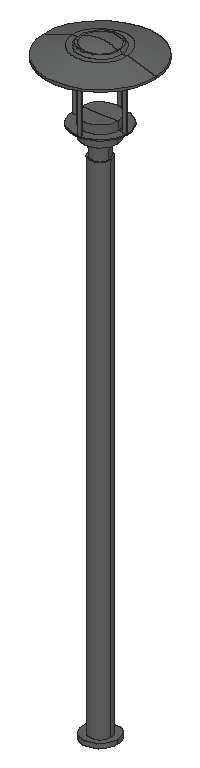
Revit family "Slide", category Lighting Fixtures, host Face, Revit 2021
Family settings
  Host = Face
  Round Connector Dimension = Use Diameter
  Part Type = Normal
  OmniClass Number = 23.80.70.14.21
  OmniClass Title = Street and Roadway Lighting
  Cut with Voids When Loaded = No
  Light Source = Yes
  Shared = No
  Room Calculation Point = No
Parameters (values of type "Basic Black Textured")
  Wattage Comments = "Luminaires are equipped with an LED driver that accepts 100V through 277V, 50 Hz to 60 Hz (UNIV), or a driver that accepts 347V or 480V input."  # constant formula
  Wattage = 55 W
  built-in parameter 1150110 = 1 (stored number, unit not read)
  Voltage = 120 V  # constant formula
  URL = "https://www.currentlighting.com/beacon"
  built-in parameter 1114217 = 1 (stored number, unit not read)
  Tilt Angle = 90.00°  # constant formula
  built-in parameter 1150109 = 1 (stored number, unit not read)
  built-in parameter 1150134 = 3
  built-in parameter 1150113 = 1 (stored number, unit not read)
  Shade Option = Shade : Sloped
  Product Page URL = ""
  Product Material = Paint-Basic Black
  Product Documentation Link = ""
  Power Factor = 0.92  # constant formula
  Pole Height = 144"  # constant formula
  Photometric Web File = "24NB-55-T4.ies"
  Model = "SLIDE(LED)"  # constant formula
  Manufacturer = "Beacon Products"  # constant formula
  built-in parameter 1150105 = 17692.4 (stored number, unit not read)
  Lumens = 8169.81 lm
  built-in parameter 1150115 = 1 (stored number, unit not read)
  Load Classification = Lighting
  built-in parameter 1150137 = (empty or 0)
  built-in parameter 1150139 = (empty or 0)
  built-in parameter 1150112 = 1 (stored number, unit not read)
  built-in parameter 1150114 = 1 (stored number, unit not read)
  Lamp = "Each Beacon Slide luminaire is supplied with an\r\nOptical one piece cartridge system consisting of an\r\nLED engine, LED lamps, optics, gasket and stamped\r\nstainless steel bezel."  # constant formula
  built-in parameter 1150132 = (empty or 0)
  built-in parameter 1150102 = (empty or 0)
  built-in parameter 1150107 = 3200 (stored number, unit not read)
  built-in parameter 1150138 = (empty or 0)
  built-in parameter 1150106 = 176.92 (stored number, unit not read)
  Emit from Rectangle Width = 8"  # constant formula
  Emit from Rectangle Length = 8"  # constant formula
  Emit Shape Visible in Rendering = no
  built-in parameter 1150104 = 13.8 (stored number, unit not read)
  Dimming Lamp Color Temperature Shift = <None>
  Description = "The direct optical system give the designer\r\n3 different LED wattages and 6\r\ndifferent lighting distribution patterns."  # constant formula
  Default Elevation = 48"
  Color Filter = 16777215
  built-in parameter 1114216 [instance] = Power Factor  # 0.92 (stored number, unit not read)
  built-in parameter 1114218 = 1 (stored number, unit not read)
  built-in parameter 1150133 = 10 (stored number, unit not read)
  Apparent Load = 55 VA
Types (13): name | Shade Option | Product Material | built-in parameter 1150105 | built-in parameter 1150106
  (no name) | Shade : Sloped | Paint-Basic Black | 17692.4 (stored number, unit not read) | 176.92 (stored number, unit not read)
  Basic Black Textured | Shade : Sloped | Paint-Basic Black | 17692.4 (stored number, unit not read) | 176.92 (stored number, unit not read)
  Black Matte Textured | Shade : Sloped | Paint-Black Matte | 17692.4 (stored number, unit not read) | 176.92 (stored number, unit not read)
  Bronze Textured | Shade : Sloped | Paint-Bronze | 17692.4 (stored number, unit not read) | 176.92 (stored number, unit not read)
  Dark Bronze Textured | Shade : Sloped | Paint-Dark Bronze | 17692.4 (stored number, unit not read) | 176.92 (stored number, unit not read)
  Dark Platinum Smooth | Shade : Sloped | Paint-Dark Platinum Smooth | 17692.4 (stored number, unit not read) | 176.92 (stored number, unit not read)
  Gray Smooth | Shade : Sloped | Paint-Gray Smooth | 650.13 (stored number, unit not read) | 6.5013 (stored number, unit not read)
  Green Textured | Shade : Sloped | Paint-Green | 650.13 (stored number, unit not read) | 6.5013 (stored number, unit not read)
  Metallic Bronze Textured | Shade : Sloped | Paint-Metallic Bronze | 650.13 (stored number, unit not read) | 6.5013 (stored number, unit not read)
  Metallic Silver Textured | Shade : Sloped | Paint-Metallic Silver | 650.13 (stored number, unit not read) | 6.5013 (stored number, unit not read)
  Metallic Titanium Textured | Shade : Sloped | Paint-Metallic Titanium | 650.13 (stored number, unit not read) | 6.5013 (stored number, unit not read)
  Old World Iron | Shade : Sloped | Paint-Old World Iron | 650.13 (stored number, unit not read) | 6.5013 (stored number, unit not read)
  White Texture | Shade : Curved | Paint-White | 17692.4 (stored number, unit not read) | 176.92 (stored number, unit not read)
Reference planes (in)
  plane 1 "Center (Front/Back)": y = 0
  plane 2: z = 0
  plane 3 "Center (Left/Right)": x = 0
  plane 4: z = 144
  plane 5: z = 1
  plane 6: z = 119.75
  plane 7: z = 141.56435
Forms (in)
  Extrusion 1, solid, material "Paint-Basic Black" <- "Product Material"
    sketch origin (0, 0, 0) x (1, 0, 0) y (0, 1, 0)
      loop
        circle (0, 0) r 4
    from 0 to 1
  Extrusion 2, solid, material "Paint-Basic Black" <- "Product Material"
    sketch origin (0, 0, 0) x (1, 0, 0) y (0, 1, 0)
      loop
        circle (0, 0) r 2.5
    from 1 to 119.75
Dimensions and locks (in)
  "Pole Height": plane 4 to plane 2
  locked: plane 5 to plane 2 at 1
  locked: plane 4 to plane 6 at 24.25
  locked: plane 4 to plane 7 at 2.43565
  aligned and locked: plane 2 to host face
  aligned and locked: level to host face
  aligned and locked: plane 1 "Center (Front/Back)" to nested 1
  aligned and locked: plane 3 "Center (Left/Right)" to imposter light
  aligned and locked: plane 5 to Extrusion 1
  aligned and locked: Extrusion 2 to Extrusion 1
  aligned and locked: plane 6 to Extrusion 2
  aligned and locked: plane 3 "Center (Left/Right)" to nested 1
  aligned and locked: plane 7 to imposter light
Automatic sketch dimensions
  host sketch curve to host sketch curve = 96"  (x2)
  plane 1 "Center (Front/Back)" to Extrusion 1 sketch curve = 0"
  Extrusion 1 sketch curve to plane 3 "Center (Left/Right)" = 0"
  plane 1 "Center (Front/Back)" to Extrusion 2 sketch curve = 0"
  Extrusion 2 sketch curve to plane 3 "Center (Left/Right)" = 0"
  radius of Extrusion 1 sketch curve = 4"
  radius of Extrusion 2 sketch curve = 2 1/2"
Nested families (in)
  nested 1: "Shade" at (0, 0, 119.75), Product Material <- "Product Material", type <- "Shade Option", type "Sloped"
    with Product Material Paint-Basic Black, Sloped Shade yes, Curved Shade no
Connectors (in)
  electrical at (0, 0, 0), driven by "Voltage", driven by "Load Classification", driven by "Apparent Load"
    settings: on host face, index 1, voltage 120 V, apparent load 55 VA, apparent load phase1 0 VA, apparent load phase2 0 VA, apparent load phase3 0 VA, power factor 1, load classification "Lighting", number of poles 1, system type 30, power factor state 1, is connector primary yes, connector utility no, sub classification motor no, connector description "Lighting Connector\r\n3 different LED wattages and 6\r\ndifferent lighting distribution patterns."
Definition of nested family "Shade"
  Parameters
    URL = ""
    Sloped Shade = no
    Product Material [instance] = none
    Model = ""
    Manufacturer = ""
    Flat Shade = no
    Description = ""
    Default Elevation = 48"
    Curved Shade = yes
  Reference planes (in)
    plane 1 "Center (Front/Back)": y = 0
    plane 2: z = 0
    plane 3 "Center (Left/Right)": x = 0
    plane 4: x = -12.75
    plane 5: x = 12.75
    plane 6: z = 24.25
    plane 7: x = 5.75
    plane 8: x = -5.75
    plane 9: y = -5.75
    plane 10: y = 5.75
    plane 11: z = 23.38484
    plane 12: z = 22.77047
    plane 13: z = 22.5
    plane 14: z = 22
    plane 15: z = 20.78467
    plane 16: z = 20.28467
    plane 17: z = 6.84881
    plane 18: z = 6.63621
    plane 19: z = 3.99026
  Forms (in)
    Extrusion 1, solid
      sketch origin (0, 0, 0) x (1, 0, 0) y (0, 1, 0)
        loop
          line (-48, 48) -> (-48, -48) -> (48, -48) -> (48, 48) -> (-48, 48)
      from 0 to -12
    Revolve 2, solid, material <- "Product Material"
      sketch origin (0, 0, 0) x (1, 0, 0) y (0, 0, 1)
        loop
          line (0, 0) -> (2, 0) -> (2.27903, 3.99026) -> (4.02903, 3.99026) -> (4.21405, 6.63621) -> (6.30838, 6.63621) -> (6.30838, 6.84881) -> (4.22892, 6.84881) -> (4.22892, 8.76539) -> (0, 8.76539) -> (0, 0)
        axis (0, 8.76539) -> (0, 0)
      angle from 0 to 360
    Revolve 3, solid, material <- "Product Material", visible <- "Flat Shade"
      sketch origin (0, 0, 0) x (1, 0, 0) y (0, 0, 1)
        loop
          line (0, 22) -> (12.75, 22) -> (12.75, 22.5) -> (5.00472, 22.77047) -> (4.57454, 23.38484) -> (4.07454, 23.38484)
          arc (4.07454, 23.38484) -> (2.07279, 23.98472) -> (0, 24.25) r 12.76595
          line (0, 24.25) -> (0, 22)
        axis (0, 24.25) -> (0, 22)
      angle from 0 to 360
    Extrusion 4, solid, material <- "Product Material"
      sketch origin (0, 0, 0) x (1, 0, 0) y (0, 1, 0)
        loop
          circle (-5.75, 0) r 0.35
        loop
          circle (5.75, 0) r 0.35
        loop
          circle (0, -5.75) r 0.35
        loop
          circle (0, 5.75) r 0.35
      from 6.84881 to 22
    Revolve 5, solid, material <- "Product Material", visible <- "Curved Shade"
      sketch origin (0, 0, 0) x (1, 0, 0) y (0, 0, 1)
        loop
          line (0, 24.25) -> (0, 22) -> (6.65643, 22)
          arc (6.65643, 22) -> (9.5754, 20.68827) -> (12.75, 20.28467) r 10.85526
          line (12.75, 20.28467) -> (12.75, 20.78467)
          arc (12.75, 20.78467) -> (9.34305, 21.25648) -> (6.25472, 22.77047) r 10.85526
          line (6.25472, 22.77047) -> (5.00472, 22.77047) -> (4.57454, 23.38484) -> (4.07454, 23.38484)
          arc (4.07454, 23.38484) -> (2.07226, 23.9822) -> (0, 24.25) r 12.95862
        axis (0, 24.25) -> (0, 20.28467)
      angle from 0 to 360
    Revolve 6, solid, material <- "Product Material", visible <- "Sloped Shade"
      sketch origin (0, 0, 0) x (1, 0, 0) y (0, 0, 1)
        loop
          line (12.75, 20.28467) -> (12.75, 20.78467) -> (6.25472, 22.77047) -> (5.00472, 22.77047) -> (4.57454, 23.38484) -> (4.07454, 23.38484)
          arc (4.07454, 23.38484) -> (2.07218, 23.98182) -> (0, 24.25) r 12.9883
          line (0, 24.25) -> (0, 22) -> (7.06467, 22) -> (12.75, 20.28467)
        axis (0, 24.25) -> (0, 20.28467)
      angle from 0 to 360
    Extrusion 7, solid, material <- "Product Material"
      sketch origin (0, 0, 0) x (1, 0, 0) y (0, 1, 0)
        loop
          line (-4.5, 4.5) -> (-4.5, -4.5) -> (4.5, -4.5) -> (4.5, 4.5) -> (-4.5, 4.5)
      from 21.81435 to 22
  Dimensions and locks (in)
    equal spacing: plane 5, plane 3 "Center (Left/Right)", plane 4, locked at 12.75 each
    locked: plane 5 to plane 4 at 25.5
    equal spacing: plane 8, plane 3 "Center (Left/Right)", plane 7, locked at 5.75 each
    equal spacing: plane 10, plane 1 "Center (Front/Back)", plane 9, locked at 5.75 each
    plane 6 to plane 11 to plane 12 to plane 13 to plane 14 to plane 15 to plane 16 to plane 17 to plane 18 to plane 19 to level = 0.86516" locked, 0.61436" locked, 0.27047" locked, 1/2" locked, 1.21533" locked, 1/2" locked, 13.43586" locked, 0.2126" locked, 2.64595" locked, 3.99026" locked
    aligned and locked: plane 2 to Extrusion 1
    aligned and locked: level to Extrusion 1
    aligned and locked: Revolve 2 sketch curve to plane 3 "Center (Left/Right)"
    aligned and locked: Revolve 3 sketch curve to plane 3 "Center (Left/Right)"
    aligned and locked: Revolve 3 to Extrusion 4
    aligned and locked: Extrusion 4 to Revolve 2
    aligned and locked: Revolve 5 sketch curve to plane 3 "Center (Left/Right)"
    aligned and locked: Revolve 6 sketch curve to plane 3 "Center (Left/Right)"
    aligned and locked: plane 8 to Extrusion 4 sketch curve
    aligned and locked: plane 1 "Center (Front/Back)" to Extrusion 4 sketch curve  (x2)
    aligned and locked: plane 3 "Center (Left/Right)" to Extrusion 4 sketch curve  (x2)
    aligned and locked: plane 10 to Extrusion 4 sketch curve
    aligned and locked: plane 7 to Extrusion 4 sketch curve
    aligned and locked: plane 9 to Extrusion 4 sketch curve
    aligned and locked: plane 11 to Revolve 3
    aligned and locked: plane 12 to Revolve 3
    aligned and locked: plane 13 to Revolve 3
    aligned and locked: plane 14 to Revolve 3
    aligned and locked: plane 15 to Revolve 5
    aligned and locked: plane 17 to Revolve 2
    aligned and locked: plane 18 to Revolve 2
    aligned and locked: plane 19 to Revolve 2
    aligned and locked: Revolve 6 sketch curve to Revolve 6 sketch curve
    aligned and locked: Revolve 6 sketch curve to plane 5
    aligned and locked: plane 12 to Revolve 6 sketch curve
    aligned and locked: plane 11 to Revolve 6 sketch curve
    aligned and locked: Revolve 2 sketch curve to Extrusion 1
    aligned and locked: Revolve 2 sketch curve to plane 19
    aligned and locked: Revolve 2 sketch curve to plane 18
    aligned and locked: plane 17 to Revolve 2 sketch curve
    aligned and locked: Revolve 2 sketch curve to Revolve 2 sketch curve
    aligned and locked: plane 14 to Revolve 5 sketch curve
    aligned and locked: plane 14 to Revolve 6 sketch curve
  Automatic sketch dimensions
    Extrusion 1 sketch curve to Extrusion 1 sketch curve = 96"  (x2)
    Revolve 3 sketch curve to plane 3 "Center (Left/Right)" = 0"
    plane 5 to Revolve 3 sketch curve = 0"
    Revolve 3 sketch curve to plane 6 = 0"
    Revolve 3 sketch curve to plane 3 "Center (Left/Right)" = 0.57874"
    Revolve 3 sketch curve to plane 6 = 0.86516"
    plane 3 "Center (Left/Right)" to Revolve 3 sketch curve = 4.07454"
    Revolve 3 sketch curve to Revolve 3 sketch curve = 1/2"  (x2)
    Revolve 3 sketch curve to plane 6 = 1.47953"
    Revolve 3 sketch curve to Revolve 3 sketch curve = 0.43018"
    Revolve 3 sketch curve to level = 24"
    Revolve 3 sketch curve to plane 6 = 2 1/4"
    Revolve 3 sketch curve to Revolve 3 sketch curve = 78.46882"
    Revolve 6 sketch curve to plane 15 = 0"
    Revolve 6 sketch curve to plane 6 = 0"
    Revolve 6 sketch curve to plane 3 "Center (Left/Right)" = 0.62554"
    plane 3 "Center (Left/Right)" to Revolve 6 sketch curve = 4.07454"
    Revolve 6 sketch curve to Revolve 6 sketch curve = 1/2"
    Revolve 6 sketch curve to plane 7 = 0.74528"
    plane 7 to Revolve 6 sketch curve = 1.31467"
    Revolve 6 sketch curve to Revolve 6 sketch curve = 0.80995"
    Revolve 6 sketch curve to level = 24"
    Revolve 6 sketch curve to Revolve 6 sketch curve = 78.46882"
    Revolve 6 sketch curve to plane 16 = 0"
    Revolve 5 sketch curve to plane 3 "Center (Left/Right)" = 0"
    Revolve 5 sketch curve to plane 11 = 0"
    Revolve 5 sketch curve to plane 12 = 0"
    plane 5 to Revolve 5 sketch curve = 0"
    Revolve 5 sketch curve to plane 16 = 0"
    Revolve 5 sketch curve to plane 15 = 0"
    Revolve 5 sketch curve to plane 6 = 0"
    Revolve 5 sketch curve to plane 3 "Center (Left/Right)" = 0.61929"
    plane 3 "Center (Left/Right)" to Revolve 5 sketch curve = 4.07454"
    Revolve 5 sketch curve to Revolve 5 sketch curve = 1/2"
    Revolve 5 sketch curve to plane 7 = 0.74528"
    plane 7 to Revolve 5 sketch curve = 0.50472"
    Revolve 5 sketch curve to Revolve 5 sketch curve = 0.4017"
    plane 5 to Revolve 5 sketch curve = 0.23318"  (x2)
    Revolve 5 sketch curve to level = 24"
    Revolve 5 sketch curve to Revolve 5 sketch curve = 71.0814"
    plane 3 "Center (Left/Right)" to Revolve 2 sketch curve = 2"
    plane 3 "Center (Left/Right)" to Revolve 2 sketch curve = 2.27903"
    Revolve 2 sketch curve to plane 7 = 1.72097"
    Revolve 2 sketch curve to plane 7 = 1.53595"
    Revolve 2 sketch curve to Revolve 2 sketch curve = 0.01487"
    plane 7 to Revolve 2 sketch curve = 0.55838"
    Revolve 2 sketch curve to level = 24"
    plane 17 to Revolve 2 sketch curve = 1.91659"
    plane 6 to Revolve 2 sketch curve = 78.46882"
    Extrusion 7 sketch curve to plane 8 = 1 1/4"
    Extrusion 7 sketch curve to plane 9 = 1 1/4"
    Extrusion 7 sketch curve to plane 7 = 1 1/4"
    Extrusion 7 sketch curve to plane 10 = 1 1/4"
    radius of Extrusion 4 sketch curve = 0.35"  (x4)
